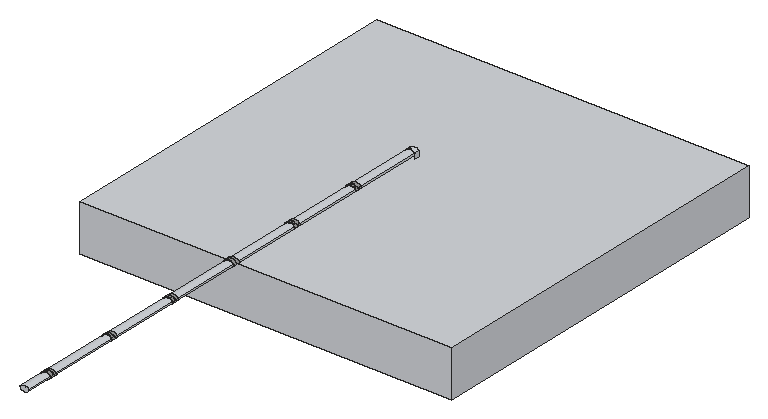
Revit family "Legrand Export Ovaline Column horizontal", category Installations électriques, Revit 2020
Family settings
  Hôte = Face
  Conserver l'orientation des annotations = Non
  Cote de connecteur circulaire = Utiliser le diamètre
  Type d'élément = Normal
  Couper avec des vides une fois chargée = Non
  Partagée = Non
  Point de calcul de pièce = Non
Parameters (values of type "Cable output accessory")
  Standard = "Ovaline"
  Solo [instance] = and(Longueur < 1001 mm, Longueur > 500 mm)  # no
  Number of compartments = "Other"
  Nb Bracket [instance] = if(Longueur / 500 mm - 0.501 < 2, 2, if(Longueur / 500 mm - 0.501 > 6, 6, Longueur / 500 mm - 0.501))  # 6
  Multiple [instance] = Longueur > 1000 mm  # yes
  Modèle = "LG-653057"
  Main Material = "Plastic"
  Longueur [instance] = 3200 mm
  Jonction Accessory [instance] = yes
  Finishing = "Grey"
  Fabricant = "LEGRAND"
  Default Elevation = 0 mm
  Décalage [instance] = 200 mm
  Description = "cable output accessory for rigid ovaline"
Reference planes
  plane 1 "Centre (avant/arrière)": y = 0
  plane 2: z = 0
  plane 3 "Centre (gauche/droite)": x = 0
  plane 4: z = 200
  plane 5: y = -3200
  plane 6: y = -500
  plane 7: y = -1000
Forms (mm)
  Extrusion 1, solid
    sketch origin (0, 0, 0) x (1, 0, 0) y (0, 1, 0)
      loop
        line (-1219.2, 1219.2) -> (-1219.2, -1219.2) -> (1219.2, -1219.2) -> (1219.2, 1219.2) -> (-1219.2, 1219.2)
    from 0 to -304.8
  Extrusion 2, solid
    sketch origin (0, 0, 0) x (1, 0, 0) y (0, 0, 1)
      loop
        arc (-27.5, 195) -> (0, 183.5) -> (27.5, 195) r 38.63
        line (27.5, 195) -> (27.5, 205)
        arc (27.5, 205) -> (0, 216.5) -> (-27.5, 205) r 38.63
        line (-27.5, 205) -> (-27.5, 195)
    from 0 to 3200
  Extrusion 3, void
    sketch origin (0, 0, 0) x (1, 0, 0) y (0, 0, 1)
      loop
        line (-46.72, 240.095) -> (-46.72, 155.095) -> (48.28, 155.095) -> (48.28, 240.095) -> (-46.72, 240.095)
    from 3200 to 3308.443
  Extrusion 4, solid, visible <- "Jonction Accessory"
    sketch origin (0, 0, 0) x (1, 0, 0) y (0, 0, 1)
      loop
        line (27.5, 205) -> (27.5, 170) -> (29.5, 170) -> (29.5, 205.808)
        arc (29.5, 205.808) -> (0, 218.5) -> (-29.5, 205.808) r 40.63
        line (-29.5, 205.808) -> (-29.5, 170) -> (-27.5, 170) -> (-27.5, 205)
        arc (-27.5, 205) -> (0, 216.5) -> (27.5, 205) r 38.63
    from 0 to 30
Cuts and joins
  Extrusion 3 cuts Extrusion 2
Dimensions and locks
  "Décalage": plane 4 to plane 2
  "Longueur": plane 5 to plane 1 "Centre (avant/arrière)"
  locked: plane 6 to plane 1 "Centre (avant/arrière)" at 500
  locked: plane 6 to plane 7 at 500
  equal spacing: group 1, group 2, group 3, group 4, group 5, group 6  (x2)
  equal spacing: group 6, group 5, group 4, group 3, group 2, group 1
  aligned and locked: plane 2 to Extrusion 1
  aligned and locked: level to Extrusion 1
  aligned and locked: plane 4 to nested 1
  aligned and locked: plane 4 to nested 3
  aligned and locked: plane 5 to Extrusion 3
  aligned and locked: plane 4 to nested 7
Automatic sketch dimensions
  Extrusion 1 sketch curve to Extrusion 1 sketch curve = 2438.4 mm  (x2)
  Extrusion 2 sketch curve to plane 3 "Centre (gauche/droite)" = 0 mm  (x2)
  plane 4 to Extrusion 2 sketch curve = 5 mm  (x2)
  Extrusion 2 sketch curve to plane 3 "Centre (gauche/droite)" = 27.5 mm
  Extrusion 2 sketch curve to plane 4 = 5 mm
  Extrusion 2 sketch curve to plane 4 = 22.13 mm
  plane 4 to Extrusion 2 sketch curve = 22.13 mm
  Extrusion 3 sketch curve to plane 3 "Centre (gauche/droite)" = 46.72 mm
  plane 3 "Centre (gauche/droite)" to Extrusion 3 sketch curve = 48.28 mm
  Extrusion 3 sketch curve to plane 4 = 44.905 mm
  plane 4 to Extrusion 3 sketch curve = 40.095 mm
  Extrusion 4 sketch curve to Extrusion 4 sketch curve = 0 mm  (x2)
  Extrusion 4 sketch curve to plane 3 "Centre (gauche/droite)" = 0 mm
  Extrusion 4 sketch curve to plane 3 "Centre (gauche/droite)" = 27.5 mm
  Extrusion 4 sketch curve to Extrusion 4 sketch curve = 2 mm  (x2)
  plane 4 to Extrusion 4 sketch curve = 5 mm
  plane 3 "Centre (gauche/droite)" to Extrusion 4 sketch curve = 27.5 mm
  Extrusion 4 sketch curve to plane 4 = 22.13 mm
  Extrusion 4 sketch curve to plane 4 = 30 mm
  Extrusion 4 sketch curve to Extrusion 4 sketch curve = 7.87 mm
  Extrusion 4 sketch curve to Extrusion 4 sketch curve = 0.808 mm
Nested families
  nested 1: "Bracket" at (0, -500, 200) x (-1, 0, 0) z (0, 0, 1), visible <- "Multiple", type "Bracket"
  nested 2: "Bracket" at (0, -1000, 200) x (-1, 0, 0) z (0, 0, 1), visible <- "Multiple", type "Bracket"
  nested 3: "Bracket" at (0, -500, 200), visible <- "Solo", type "Bracket"
  nested 4: "Bracket" at (0, -1500, 200) x (-1, 0, 0) z (0, 0, 1), visible <- "Multiple", type "Bracket"
  nested 5: "Bracket" at (0, -2000, 200) x (-1, 0, 0) z (0, 0, 1), visible <- "Multiple", type "Bracket"
  nested 6: "Bracket" at (0, -2500, 200) x (-1, 0, 0) z (0, 0, 1), visible <- "Multiple", type "Bracket"
  nested 7: "Bracket" at (0, -3000, 200) x (-1, 0, 0) z (0, 0, 1), visible <- "Multiple", type "Bracket"
Definition of nested family "Bracket"
  Parameters (values of type "Famille3")
    Default Elevation = 0 mm
  Reference planes
    plane 1 "Centre (avant/arrière)": y = 0
    plane 2: z = 0
    plane 3 "Centre (gauche/droite)": x = 0
  Forms (mm)
    Extrusion 1, solid
      sketch origin (0, 0, 0) x (1, 0, 0) y (0, 0, 1)
        loop
          line (27.5, 5) -> (27.5, -5)
          arc (27.5, -5) -> (19.429, -11.259) -> (10, -15.183) r 38.63
          line (10, -15.183) -> (10, -20.252) -> (-10, -20.252) -> (-10, -15.183)
          arc (-10, -15.183) -> (-19.429, -11.259) -> (-27.5, -5) r 38.63
          line (-27.5, -5) -> (-27.5, 5)
          arc (-27.5, 5) -> (-26.233, 6.227) -> (-24.911, 7.395) r 38.63
          line (-24.911, 7.395) -> (-24.911, 8.691)
          arc (-24.911, 8.691) -> (-28.086, 5.829) -> (-30.934, 2.641) r 39.63
          line (-30.934, 2.641) -> (-29.643, 2.641)
          arc (-29.643, 2.641) -> (-29.079, 3.301) -> (-28.5, 3.948) r 38.63
          line (-28.5, 3.948) -> (-28.5, -5.407)
          arc (-28.5, -5.407) -> (-20.44, -11.822) -> (-11, -15.943) r 39.63
          line (-11, -15.943) -> (-11, -21.252) -> (11, -21.252) -> (11, -15.943)
          arc (11, -15.943) -> (20.44, -11.822) -> (28.5, -5.407) r 39.63
          line (28.5, -5.407) -> (28.5, 3.948)
          arc (28.5, 3.948) -> (29.079, 3.301) -> (29.643, 2.641) r 38.63
          line (29.643, 2.641) -> (30.934, 2.641)
          arc (30.934, 2.641) -> (28.086, 5.829) -> (24.911, 8.691) r 39.63
          line (24.911, 8.691) -> (24.911, 7.395)
          arc (24.911, 7.395) -> (26.233, 6.227) -> (27.5, 5) r 38.63
        loop
          line (-36.436, 0) -> (-29.589, 0) -> (-29.589, 2.081) -> (-33.866, 2.081)
          arc (-33.866, 2.081) -> (0, 19.5) -> (33.866, 2.081) r 41.63
          line (33.866, 2.081) -> (29.589, 2.081) -> (29.589, 0) -> (36.436, 0)
          arc (36.436, 0) -> (0, 20.5) -> (-36.436, 0) r 42.63
      from 0 to -20
    Extrusion 2, solid
      sketch origin (0, 0, 0) x (1, 0, 0) y (0, 0, 1)
        loop
          line (27.5, 5) -> (27.5, -5)
          arc (27.5, -5) -> (19.429, -11.259) -> (10, -15.183) r 38.63
          line (10, -15.183) -> (10, -20.252) -> (-10, -20.252) -> (-10, -15.183)
          arc (-10, -15.183) -> (-19.429, -11.259) -> (-27.5, -5) r 38.63
          line (-27.5, -5) -> (-27.5, 5)
          arc (-27.5, 5) -> (-26.233, 6.227) -> (-24.911, 7.395) r 38.63
          line (-24.911, 7.395) -> (-24.911, 8.691)
          arc (-24.911, 8.691) -> (-28.086, 5.829) -> (-30.934, 2.641) r 39.63
          line (-30.934, 2.641) -> (-29.643, 2.641)
          arc (-29.643, 2.641) -> (-29.079, 3.301) -> (-28.5, 3.948) r 38.63
          line (-28.5, 3.948) -> (-28.5, -5.407)
          arc (-28.5, -5.407) -> (-20.44, -11.822) -> (-11, -15.943) r 39.63
          line (-11, -15.943) -> (-11, -21.252) -> (11, -21.252) -> (11, -15.943)
          arc (11, -15.943) -> (20.44, -11.822) -> (28.5, -5.407) r 39.63
          line (28.5, -5.407) -> (28.5, 3.948)
          arc (28.5, 3.948) -> (29.079, 3.301) -> (29.643, 2.641) r 38.63
          line (29.643, 2.641) -> (30.934, 2.641)
          arc (30.934, 2.641) -> (28.086, 5.829) -> (24.911, 8.691) r 39.63
          line (24.911, 8.691) -> (24.911, 7.395)
          arc (24.911, 7.395) -> (26.233, 6.227) -> (27.5, 5) r 38.63
        loop
          line (-36.436, 0) -> (-29.589, 0) -> (-29.589, 2.081) -> (-33.866, 2.081)
          arc (-33.866, 2.081) -> (0, 19.5) -> (33.866, 2.081) r 41.63
          line (33.866, 2.081) -> (29.589, 2.081) -> (29.589, 0) -> (36.436, 0)
          arc (36.436, 0) -> (0, 20.5) -> (-36.436, 0) r 42.63
      from 0 to 20
  Dimensions and locks
    aligned and locked: level to plane 2
